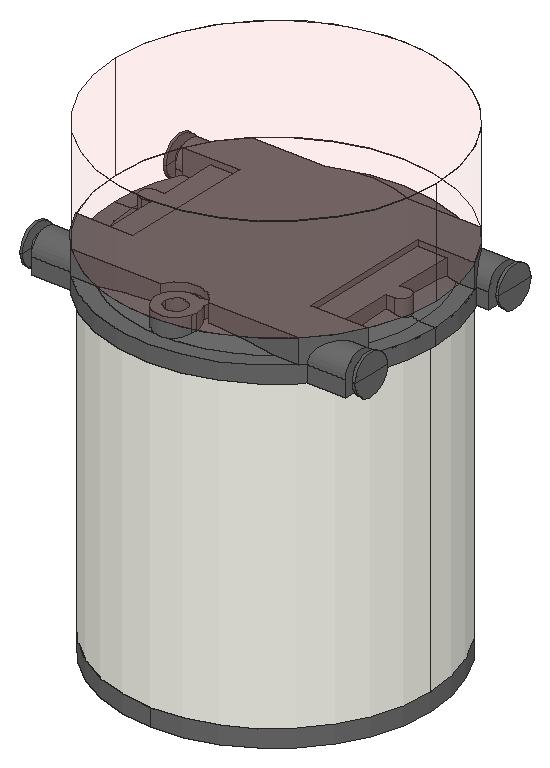
Revit family
Parameters (values of type "1082C4F")
  Watermarked By = "http://revitwatermark.com"
  Water_Ice Tank Volume = "820 Gallons"
  Warning = "Ice tanks are a component in an ice storage system including chillers, pumps, and controls. Contact CALMAC for IceBank® selection support to make sure all system components will work together properly."
  URL = "http://www.calmac.com/"
  Total Cooling Capacity [instance] = 0.0 ton
  Tank Net Usable Capacity = "82 Ton-Hrs"
  Product Page URL = "http://www.calmac.com/products/icebank.asp"
  Is Tank 1 Front Right Connector Visible = not(CTRL Off)  # yes
  Is Tank 1 Front Left Connector Visible = not(CTRL Off)  # yes
  Is Tank 1 Back Right Connector Visible = not(CTRL Off)  # yes
  Is Tank 1 Back Left Connector Visible = not(CTRL Off)  # yes
  Surface Finish = Plastic- Calmac- Black
  Supply Coolant Temperature [instance] = -459.67 °F
  Storage Inlet Temperature [instance] = 60 °F
  Shipping Weight = 1065.00 lbf
  Return Coolant Temperature [instance] = -459.67 °F
  Requires Plate Heat Exchanger [instance] = no
  Project/Customer = ""
  Product Documentation Link = "http://www.calmac.com/products/documents/CS-76Model1082C4F_U4FAug2007.pdf"
  Pressure Drop [instance] = 0.00 psi
  Precool Hours [instance] = 0
  Pipe Material = Plastic- Calmac- Black
  Operating Weight = 8580.00 lbf
  Occupied Hours [instance] = 0
  Model = "1082C"
  Maximum Operating Temperature = "38°C"
  Maximum Operating Pressure = "620 kPa"
  Manufacturer e-mail = "info@Calmac.com"
  Manufacturer Contact Details = "CALMAC Manufacturing Corporation Headquarters, 3-00 Banta Place, Fair Lawn, NJ  07410, Tel: (201) 797-1511, Fax: (201) 797-1522"
  Manufacturer = "CALMAC Manufacturing Corp."  # constant formula
  Main Use [instance] = ""
  Location [instance] = ""
  Lid Diameter = 7' - 5"  # constant formula
  Leg 4 = 3' - 2 1/4"  # constant formula
  Leg 1 = 3' - 2 1/4"  # constant formula
  Latent Cooling Capacity [instance] = 0.0 ton
  Inlet Outlet Center Height = 6' - 7"  # constant formula
  Heat Exchanger Volume = "86 Gallons"
  Has Rigging Bar [instance] = no
  Has Plate and Frame Heat Exchanger [instance] = no
  Has Ice Inventory Meter [instance] = no
  Has Heat Transfer Fluid [instance] = no
  Has Glycol Management System [instance] = no
  Floor Loading Weight = "286 lb/sq.ft."
  Factory Tested Pressure = "1724 kPa"
  Diversity Factor [instance] = 0
  Discharge Rate [instance] = 0
  Discharge Hours [instance] = 0
  Description = "Off-Peak Cooling System"
  Is Clearance Box Visible [instance] = yes
  Clearance Box Height = 2' - 0"  # constant formula
  City/State [instance] = ""
  CTRL Width = 6' - 1 3/4"
  CTRL On = yes
  CTRL Off = not(CTRL On)  # no
  CTRL Hydronic Supply Description = "Hydronic Supply"  # constant formula
  CTRL Hydronic Return Description = "Hydronic Return"  # constant formula
  CTRL Base Radius = 2' - 11 113/256"  # constant formula
  Body Material = Plastic- Calmac- Off_White
  Has Solid Base [instance] = yes
  Base Height = Inlet Outlet Center Height - 0' 3 3/4"  # 6' - 3 1/4"
  Base Finish = Plastic- Calmac- Black
  Assembly Code = "D3030300"
  Actual Chilled Water Flow [instance] = 0 GPM
Reference planes (in)
  plane 1 "Center (Front/Back)": y = 0
  plane 2 "Bottom": z = 0
  plane 3 "Center (Left/Right)": x = 0
  plane 4 "T.O. Base": z = 75.25
  plane 5 "Inlet/Outlet Center (Elevation)": z = 79
  plane 6 "Right Connector Face": x = 38.25
  plane 7 "Left Connector Face": x = -38.25
  plane 8 "T.o. Lid": z = 84.5
  plane 9 "Top": z = 108.5
  plane 10 "Front Connector Center (F/B)": y = -20.5
  plane 11 "Back Connector Center (F/B)": y = 20.5
  plane 12 "Back": y = 36.875
  plane 13 "Front": y = -36.875
Dimensions and locks (in)
  locked: plane 5 "Inlet/Outlet Center (Elevation)" to plane 4 "T.O. Base" at 3.75
  "Inlet Outlet Center Height": plane 5 "Inlet/Outlet Center (Elevation)" to plane 2 "Bottom"
  "Leg 1": plane 3 "Center (Left/Right)" to plane 6 "Right Connector Face"
  "Leg 4": plane 7 "Left Connector Face" to plane 3 "Center (Left/Right)"
  locked: plane 8 "T.o. Lid" to plane 5 "Inlet/Outlet Center (Elevation)" at 5.5
  locked: plane 10 "Front Connector Center (F/B)" to plane 1 "Center (Front/Back)" at 20.5
  locked: plane 1 "Center (Front/Back)" to plane 11 "Back Connector Center (F/B)" at 20.5
  "Clearance Box Height": plane 9 "Top" to plane 8 "T.o. Lid"
  plane 8 "T.o. Lid" to plane 2 "Bottom" = 7' - 0 1/2"
  equal spacing: plane 13 "Front", plane 1 "Center (Front/Back)", plane 12 "Back"
  "CTRL Width": plane 13 "Front" to plane 12 "Back"
  plane 7 "Left Connector Face" to plane 6 "Right Connector Face" = 6' - 4 1/2"
  plane 7 "Left Connector Face" to plane 3 "Center (Left/Right)" = 3' - 2 1/4"
  aligned and locked: plane 1 "Center (Front/Back)" to nested 1
  aligned and locked: plane 3 "Center (Left/Right)" to nested 1
  aligned and locked: plane 4 "T.O. Base" to nested 2
  aligned and locked: plane 1 "Center (Front/Back)" to nested 2
  aligned and locked: plane 5 "Inlet/Outlet Center (Elevation)" to nested 2
  aligned and locked: plane 3 "Center (Left/Right)" to nested 2
  aligned and locked: plane 2 "Bottom" to nested 1
Nested families (in)
  nested 1: "Cooling_Plant_Accessories-Calmac-IceBank-Base" at (0, 0, 0), type "Base"
    with Is Symbolic Line Visible no, Has Solid Base yes, CTRL Inner Wall Radius 2' - 10 145/256", CTRL Base Radius 2' - 11 113/256", Base Height 6' - 3 1/4"
  nested 2: "Cooling_Plant_Accessories-Calmac-IceBank-Lid_C-75" at (0, 0, 75.25), Surface Finish <- "Surface Finish", Pipe Material <- "Pipe Material", Clearance Box Height <- "Clearance Box Height", Is Clearance Box Visible <- "Is Clearance Box Visible", type "C-75"
    with Surface Finish Plastic- Calmac- Black, Pipe Material Plastic- Calmac- Black, Is Clearance Box Visible yes, Clearance Box Height 2' - 0", CTRL Radius 3' - 0 11/16", Is Front Left Flanged Connector Visible yes, Is Back Left Flanged Connector Visible yes
Connectors (in)
  piping at (38.25, 20.5, 79), driven by "CTRL Hydronic Supply Description", driven by "Actual Chilled Water Flow"
    settings: on nested 2, index 1, connector radius 2", flow factor 0, pipe flow 0 GPM, pressure drop 0.00 psi, fitting loss kfactor 0, connector angle 0.00°, fixture units 0, flow configuration 0, flow direction 2, fitting loss method 0, system type 7, connector reference index -1, connector utility 0, adjustable connector no, is connector primary yes, fitting loss table "", connector description "Hydronic Supply"
  piping at (38.25, -20.5, 79), driven by "CTRL Hydronic Return Description"
    settings: on nested 2, index 2, connector radius 2", flow factor 0, pipe flow 0 GPM, pressure drop 0.00 psi, fitting loss kfactor 0, connector angle 0.00°, fixture units 0, flow configuration 0, flow direction 1, fitting loss method 0, system type 8, connector reference index -1, connector utility 0, adjustable connector no, is connector primary no, fitting loss table "", connector description "Hydronic Return"
  piping at (-38.25, 20.5, 79)
    settings: on nested 2, index 3, connector radius 2", flow factor 0, pipe flow 0 GPM, pressure drop 0.00 psi, fitting loss kfactor 0, connector angle 0.00°, fixture units 0, flow configuration 0, flow direction 0, fitting loss method 0, system type 7, connector reference index -1, connector utility 0, adjustable connector no, is connector primary no, fitting loss table "", connector description ""
  piping at (-38.25, -20.5, 79)
    settings: on nested 2, index 4, connector radius 2", flow factor 0, pipe flow 0 GPM, pressure drop 0.00 psi, fitting loss kfactor 0, connector angle 0.00°, fixture units 0, flow configuration 0, flow direction 0, fitting loss method 0, system type 7, connector reference index -1, connector utility 0, adjustable connector no, is connector primary no, fitting loss table "", connector description ""
Definition of nested family "Cooling_Plant_Accessories-Calmac-IceBank-Base"
  Parameters (values of type "Base")
    Wall Thickness = 0' - 0 7/8"
    URL = "http://www.calmac.com/"
    Type Comments = ""
    Is Symbolic Line Visible = not(Has Solid Base)  # yes
    Has Solid Base = no
    Model = ""
    Manufacturer = "CALMAC Manufacturing Corp."  # constant formula
    CTRL Inner Wall Radius = CTRL Base Radius - Wall Thickness  # 3' - 0"
    CTRL Base Radius = 3' - 0 7/8"
    Body Material = Plastic- Calmac- Off_White
    Base Height = 3' - 7 5/16"
    Base Finish = Plastic- Calmac- Black
    Assembly Code = "D3030"
  Reference planes (in)
    plane 1 "Center (Front/Back)": y = 0
    plane 2 "Bottom": z = 0
    plane 3 "Center (Left/Right)": x = 0
    plane 4 "Back": y = 36.875
    plane 5 "Front": y = -36.875
    plane 6 "Right": x = 36.875
    plane 7 "Left": x = -36.875
    plane 8 "T.O. Base Plate": z = 4
    plane 9 "Right Edge of Right Void": x = 24.125
    plane 10 "Left Edge of Right Void": x = 13.125
    plane 11 "Left Edge of Left Void": x = -24.125
    plane 12 "Right Edge of Left Void": x = -13.125
    plane 13 "T.O. Base Void": z = 2
    plane 14 "T.O. Base": z = 43.3125
  Forms (in)
    Extrusion 1, solid, material "Plastic- Calmac- Black" <- "Base Finish", visible <- "Is Symbolic Line Visible", detail levels fine
      sketch origin (0, 0, 0) x (1, 0, 0) y (0, 1, 0)
        loop
          circle (0, 0) r 36.875
      from 0 to 4
    Extrusion 2, void
      sketch origin (0, 0, 0) x (1, 0, 0) y (0, 1, 0)
        loop
          line (-24.125, 36.875) -> (-24.125, -36.875) -> (-13.125, -36.875) -> (-13.125, 36.875) -> (-24.125, 36.875)
        loop
          line (13.125, 36.875) -> (13.125, -36.875) -> (24.125, -36.875) -> (24.125, 36.875) -> (13.125, 36.875)
      from 0 to 2
    Extrusion 3, solid, material "Plastic- Calmac- Off_White" <- "Body Material", detail levels fine
      sketch origin (0, 0, 0) x (1, 0, 0) y (0, 1, 0)
        loop
          circle (0, 0) r 36.875
        loop
          circle (0, 0) r 36
      from 4 to 43.3125
    Extrusion 4, solid, material "Plastic- Calmac- Black" <- "Base Finish", visible <- "Has Solid Base", detail levels fine
      sketch origin (0, 0, 43.3125) x (0, -1, 0) y (1, 0, 0)
        loop
          circle (0, 0) r 36.875
      from -43.3125 to -39.3125
  Cuts and joins
    Extrusion 2 cuts Extrusion 3
    Extrusion 2 cuts Extrusion 1
  Lines and regions (in)
    Masking region 1
      outline origin (0, 0, 0) x (1, 0, 0) y (0, 1, 0)
        loop
          circle (0, 0) r 36.875
    Masking region 2
      outline origin (0, 0, 0) x (1, 0, 0) y (0, 0, 1)
        loop
          line (-36.875, 0) -> (36.875, 0) -> (36.875, 43.3125) -> (-36.875, 43.3125) -> (-36.875, 0)
    Masking region 3
      outline origin (0, 0, 0) x (0, 1, 0) y (0, 0, 1)
        loop
          line (-36.875, 0) -> (36.875, 0) -> (36.875, 43.3125) -> (-36.875, 43.3125) -> (-36.875, 0)
    symbolic lines, style "Base", detail levels medium+fine
      curve 1: line (-36.875, 0, 4) -> (36.875, 0, 4)
      curve 8: line (0, -36.875, 4) -> (0, 36.875, 4)
    symbolic lines, style "Base", visible <- "Is Symbolic Line Visible", detail levels medium+fine
      curve 2: line (-24.125, 0, 0) -> (-24.125, 0, 2)
      curve 3: line (-24.125, 0, 2) -> (-13.125, 0, 2)
      curve 4: line (13.125, 0, 2) -> (24.125, 0, 2)
      curve 5: line (13.125, 0, 0) -> (13.125, 0, 2)
      curve 6: line (24.125, 0, 0) -> (24.125, 0, 2)
      curve 7: line (-13.125, 0, 0) -> (-13.125, 0, 2)
    model lines, style "Base", detail levels medium
      curve 9: circle (0, 0, 43.3125) r 36.875 normal (0, 0, 1)
      curve 10: circle (0, 0, 4) r 36.875 normal (0, 0, 1)
      curve 11: circle (0, 0, 0) r 36.875 normal (0, 0, 1)
      curve 12: line (36.875, 0, 0) -> (36.875, 0, 43.3125)
      curve 13: line (-36.875, 0, 0) -> (-36.875, 0, 43.3125)
      curve 14: line (0, -36.875, 0) -> (0, -36.875, 43.3125)
      curve 15: line (0, 36.875, 0) -> (0, 36.875, 43.3125)
    model lines, style "Base", detail levels coarse
      curve 16: line (0, 0, 0) -> (0, 0, 43.3125)
  Dimensions and locks (in)
    locked: plane 7 "Left" to plane 11 "Left Edge of Left Void" at 12.75
    locked: plane 7 "Left" to plane 12 "Right Edge of Left Void" at 23.75
    locked: plane 9 "Right Edge of Right Void" to plane 6 "Right" at 12.75
    locked: plane 10 "Left Edge of Right Void" to plane 6 "Right" at 23.75
    "CTRL Base Radius": plane 7 "Left" to plane 3 "Center (Left/Right)"
    "CTRL Base Radius": plane 3 "Center (Left/Right)" to plane 6 "Right"
    "CTRL Base Radius": plane 1 "Center (Front/Back)" to plane 4 "Back"
    "CTRL Base Radius": plane 5 "Front" to plane 1 "Center (Front/Back)"
    locked: plane 8 "T.O. Base Plate" to plane 2 "Bottom" at 4
    "Base Height": plane 14 "T.O. Base" to plane 2 "Bottom"
    locked: plane 13 "T.O. Base Void" to plane 2 "Bottom" at 2
    "CTRL Base Radius": radius of Extrusion 1 sketch curve
    "CTRL Base Radius": radius of Extrusion 3 sketch curve
    "CTRL Inner Wall Radius": radius of Extrusion 3 sketch curve
    "CTRL Base Radius": radius of Masking region 1 sketch curve
    "CTRL Base Radius": radius of curve 9
    "CTRL Base Radius": radius of curve 10
    "CTRL Base Radius": radius of curve 11
    "CTRL Base Radius": radius of Extrusion 4 sketch curve
    aligned and locked: plane 3 "Center (Left/Right)" to Extrusion 1 sketch curve
    aligned and locked: plane 1 "Center (Front/Back)" to Extrusion 1 sketch curve
    aligned and locked: Extrusion 1 to plane 2 "Bottom"
    aligned and locked: plane 8 "T.O. Base Plate" to Extrusion 1
    aligned and locked: plane 2 "Bottom" to Extrusion 1
    aligned and locked: Extrusion 2 sketch curve to plane 4 "Back"  (x2)
    aligned and locked: Extrusion 2 sketch curve to plane 12 "Right Edge of Left Void"
    aligned and locked: plane 11 "Left Edge of Left Void" to Extrusion 2 sketch curve
    aligned and locked: Extrusion 2 sketch curve to plane 5 "Front"  (x2)
    aligned and locked: Extrusion 2 sketch curve to plane 10 "Left Edge of Right Void"
    aligned and locked: Extrusion 2 sketch curve to plane 9 "Right Edge of Right Void"
    aligned and locked: plane 13 "T.O. Base Void" to Extrusion 2
    aligned and locked: Extrusion 2 to plane 2 "Bottom"
    aligned and locked: Extrusion 2 to plane 5 "Front"
    aligned and locked: plane 4 "Back" to Extrusion 2
    aligned and locked: Extrusion 2 to plane 13 "T.O. Base Void"  (x2)
    aligned and locked: plane 11 "Left Edge of Left Void" to Extrusion 2
    aligned and locked: plane 2 "Bottom" to Extrusion 2  (x2)
    aligned and locked: Extrusion 2 to plane 12 "Right Edge of Left Void"
    aligned and locked: plane 10 "Left Edge of Right Void" to Extrusion 2
    aligned and locked: Extrusion 2 to plane 9 "Right Edge of Right Void"
    aligned and locked: plane 3 "Center (Left/Right)" to Extrusion 3 sketch curve  (x2)
    aligned and locked: plane 1 "Center (Front/Back)" to Extrusion 3 sketch curve  (x2)
    aligned and locked: Extrusion 3 to plane 8 "T.O. Base Plate"
    aligned and locked: plane 14 "T.O. Base" to Extrusion 3
    aligned and locked: plane 3 "Center (Left/Right)" to Masking region 1 sketch curve
    aligned and locked: plane 1 "Center (Front/Back)" to Masking region 1 sketch curve
    aligned and locked: Masking region 2 sketch curve to plane 14 "T.O. Base"
    aligned and locked: plane 6 "Right" to Masking region 2 sketch curve
    aligned and locked: plane 2 "Bottom" to Masking region 2 sketch curve
    aligned and locked: Masking region 2 sketch curve to plane 7 "Left"
    aligned and locked: plane 7 "Left" to curve 1
    aligned and locked: plane 6 "Right" to curve 1
    aligned and locked: curve 1 to plane 8 "T.O. Base Plate"
    aligned and locked: plane 11 "Left Edge of Left Void" to curve 3
    aligned and locked: plane 12 "Right Edge of Left Void" to curve 3
    aligned and locked: curve 3 to plane 13 "T.O. Base Void"
    aligned and locked: plane 2 "Bottom" to curve 2
    aligned and locked: curve 2 to plane 11 "Left Edge of Left Void"
    aligned and locked: plane 10 "Left Edge of Right Void" to curve 4
    aligned and locked: plane 9 "Right Edge of Right Void" to curve 4
    aligned and locked: plane 13 "T.O. Base Void" to curve 5
    aligned and locked: plane 13 "T.O. Base Void" to curve 6
    aligned and locked: plane 2 "Bottom" to curve 5
    aligned and locked: curve 5 to plane 10 "Left Edge of Right Void"
    aligned and locked: curve 6 to plane 9 "Right Edge of Right Void"
    aligned and locked: plane 13 "T.O. Base Void" to curve 7
    aligned and locked: plane 2 "Bottom" to curve 7
    aligned and locked: curve 7 to plane 12 "Right Edge of Left Void"
    aligned and locked: plane 5 "Front" to Masking region 3 sketch curve
    aligned and locked: plane 14 "T.O. Base" to Masking region 3 sketch curve
    aligned and locked: Masking region 3 sketch curve to plane 4 "Back"
    aligned and locked: plane 2 "Bottom" to Masking region 3 sketch curve
    aligned and locked: plane 4 "Back" to curve 8
    aligned and locked: plane 5 "Front" to curve 8
    aligned and locked: curve 8 to plane 8 "T.O. Base Plate"
    aligned and locked: plane 3 "Center (Left/Right)" to curve 9
    aligned and locked: plane 1 "Center (Front/Back)" to curve 9
    aligned and locked: curve 9 to plane 14 "T.O. Base"
    aligned and locked: curve 10 to plane 8 "T.O. Base Plate"
    aligned and locked: plane 3 "Center (Left/Right)" to curve 10
    aligned and locked: plane 1 "Center (Front/Back)" to curve 10
    aligned: curve 11 to plane 2 "Bottom"
    aligned and locked: plane 3 "Center (Left/Right)" to curve 11
    aligned and locked: plane 1 "Center (Front/Back)" to curve 11
    aligned and locked: plane 14 "T.O. Base" to curve 12
    aligned and locked: plane 14 "T.O. Base" to curve 13
    aligned and locked: plane 2 "Bottom" to curve 12
    aligned and locked: plane 2 "Bottom" to curve 13
    aligned and locked: curve 12 to plane 6 "Right"
    aligned and locked: curve 13 to plane 7 "Left"
    aligned and locked: curve 12 to plane 1 "Center (Front/Back)"
    aligned and locked: curve 13 to plane 1 "Center (Front/Back)"
    aligned and locked: plane 14 "T.O. Base" to curve 14
    aligned and locked: plane 14 "T.O. Base" to curve 15
    aligned and locked: plane 2 "Bottom" to curve 14
    aligned and locked: plane 2 "Bottom" to curve 15
    aligned and locked: plane 4 "Back" to curve 15
    aligned and locked: plane 5 "Front" to curve 14
    aligned and locked: plane 3 "Center (Left/Right)" to curve 14
    aligned and locked: plane 3 "Center (Left/Right)" to curve 15
    aligned and locked: plane 14 "T.O. Base" to curve 16
    aligned and locked: plane 2 "Bottom" to curve 16
    aligned and locked: plane 3 "Center (Left/Right)" to curve 16
    aligned and locked: curve 16 to plane 1 "Center (Front/Back)"
    aligned and locked: plane 1 "Center (Front/Back)" to Extrusion 4 sketch curve
    aligned and locked: plane 3 "Center (Left/Right)" to Extrusion 4 sketch curve
    aligned and locked: plane 8 "T.O. Base Plate" to Extrusion 4
    aligned and locked: Extrusion 4 to plane 2 "Bottom"
  Automatic sketch dimensions
    curve 6 to level = 0' - 0"
Definition of nested family "Cooling_Plant_Accessories-Calmac-IceBank-Lid_C-75"
  Parameters (values of type "C-75")
    bxcbxb = Diameter * 0.5  # 3' - 0 11/16"
    adfasdfa = Diameter * 0.5  # 3' - 0 11/16"
    Surface Finish [instance] = none
    Pipe Material [instance] = none
    Is Front Right Flanged Connector Visible = yes
    Is Front Left Flanged Connector Visible = no
    Diameter = 6' - 1 3/8"
    Is Clearance Box Visible [instance] = yes
    Clearance Box Height [instance] = 2' - 0"
    CTRL Radius [instance] = Diameter / 2  # 3' - 0 11/16"
    Is Back Right Flanged Connector Visible = yes
    Is Back Left Flanged Connector Visible = no
  Reference planes (in)
    plane 1 "Center (Front/Back)": y = 0
    plane 2 "Bottom": z = 0
    plane 3 "Center (Left/Right)": x = 0
    plane 4 "Back": y = 36.6875
    plane 5 "Back Connector Back": y = 24.75
    plane 6 "Back Connector Center": y = 20.5
    plane 7 "Back Connector Front": y = 16.25
    plane 8 "Piping Back": y = 25.88647
    plane 9 "Rigging Back": y = 15.25
    plane 10 "Rigging Loop Back": y = 2
    plane 11 "Top Back Edge": y = 24
    plane 12 "Back Inset": y = 32.8725
    plane 13 "Back Bolt Front": y = 33.6855
    plane 14 "Front": y = -36.6875
    plane 15 "Front Connection Front": y = -24.75
    plane 16 "Fron Connector Center": y = -20.5
    plane 17 "Front Connector Back": y = -16.25
    plane 18 "Piping Front": y = -25.88647
    plane 19 "Rigging Front": y = -15.25
    plane 20 "Rigging Loop Front": y = -2
    plane 21 "Top Front Edge": y = -28
    plane 22 "Front Inset": y = -32.8725
    plane 23 "Pad Eye Hole": y = -27.02527
    plane 24 "Pad Eye Front Center": y = -28.53621
    plane 25 "Left Connection": x = -36.41773
    plane 26 "Left": x = -36.6875
    plane 27 "Left Lip Inset": x = -32.8725
    plane 28 "Left Rigging Loop Left": x = -30.87661
    plane 29 "Left Rigging Loop Inset": x = -27.6267
    plane 30 "Left Rigging Loop Right": x = -26.875
    plane 31 "Left Rigging Right": x = -20.40035
    plane 32 "Top Left": x = -9.54335
    plane 33 "Right Connection": x = 36.41773
    plane 34 "Right": x = 36.6875
    plane 35 "Lid Inset Right": x = 32.8725
    plane 36 "Right Rigging Loop Right": x = 30.88136
    plane 37 "Right Rigging Loop Inset": x = 27.63145
    plane 38 "Right Rigging Loop Left": x = 26.87975
    plane 39 "Right Rigging Left": x = 20.4051
    plane 40 "Top Right": x = 9.54335
    plane 41 "Top": z = 9.25
    plane 42 "Connector Center(Elevation)": z = 3.75
    plane 43 "Connector Channel Top": z = 8
    plane 44 "Connection Sleeve Left": x = -33.10311
    plane 45 "Connection Sleeve Right": x = 33.1032
    plane 46 "Right Center": x = 24.02983
    plane 47 "Bolt Inset Right": x = 1.00017
    plane 48 "Bolt Inset Left": x = -1.00017
    plane 49 "Bolt Inset Center": y = 34.68672
    plane 50 "Top Left Inset": x = -30.90528
    plane 51 "Top Right Inset": x = 30.90528
    plane 52 "Right Side Chanel": x = 35.23566
    plane 53 "Left Side Channel": x = -35.23566
    plane 54 "Right Tunnel Ref": x = 25.99737
    plane 55 "Left Tunnel Ref": x = -25.99737
    plane 56 "Left Tunnel Ref Center": x = -33.3678
    plane 57 "Right Tunnel Ref Center": x = 33.3678
    plane 58 "T.O. Clearance Box": z = 33.25
    plane 59 "Right Connector Face": x = 38.25
    plane 60 "Left Connector Face": x = -38.25
    plane 61 "Sleeve Left": x = -35.83203
    plane 62 "Sleeve Right": x = 35.83203
  Forms (in)
    Revolve 1, solid, material <- "Surface Finish", detail levels fine
      sketch origin (0, 0, 0) x (1, 0, 0) y (0, 0, 1)
        loop
          line (0, 9.25) -> (0, 0) -> (36.6875, 0) -> (36.6875, 3.75) -> (32.8725, 3.75) -> (9.54335, 9.25) -> (0, 9.25)
        axis (0, 9.25) -> (0, 0)
      angle from 0 to 360
    Extrusion 2, solid, material <- "Surface Finish", detail levels fine
      sketch origin (0, 0, 0) x (1, 0, 0) y (0, 1, 0)
        loop
          arc (-25.99737, 25.88647) -> (-30.15526, 20.89577) -> (-33.3678, 15.25) r 36.6875
          line (-33.3678, 15.25) -> (-20.40035, 15.25) -> (-20.40035, -15.25) -> (-33.3678, -15.25)
          arc (-33.3678, -15.25) -> (-30.15526, -20.89577) -> (-25.99737, -25.88647) r 36.6875
          line (-25.99737, -25.88647) -> (-5.47378, -25.88647)
          arc (-5.47378, -25.88647) -> (0.00163, -22.34) -> (5.47705, -25.88647) r 6
          line (5.47705, -25.88647) -> (25.99737, -25.88647)
          arc (25.99737, -25.88647) -> (30.15526, -20.89577) -> (33.3678, -15.25) r 36.6875
          line (33.3678, -15.25) -> (20.4051, -15.25) -> (20.4051, 15.25) -> (33.3678, 15.25)
          arc (33.3678, 15.25) -> (30.15526, 20.89577) -> (25.99737, 25.88647) r 36.6875
          line (25.99737, 25.88647) -> (9.54335, 25.88647)
          arc (9.54335, 25.88647) -> (0, 27.83962) -> (-9.54335, 25.88647) r 24.29157
          line (-9.54335, 25.88647) -> (-25.99737, 25.88647)
      from 3.75 to 9.25
    Extrusion 3, solid, material <- "Surface Finish", detail levels fine
      sketch origin (0, 0, 0) x (0, 1, 0) y (0, 0, 1)
        loop
          arc (24.75, 3.75) -> (20.5, 8) -> (16.25, 3.75) r 4.25
          line (16.25, 3.75) -> (16.25, 0) -> (24.75, 0) -> (24.75, 3.75)
        loop
          arc (-16.25, 3.75) -> (-20.5, 8) -> (-24.75, 3.75) r 4.25
          line (-24.75, 3.75) -> (-24.75, 0) -> (-16.25, 0) -> (-16.25, 3.75)
      from -35.83203 to 35.83203
    Extrusion 4, solid, material <- "Surface Finish", detail levels fine
      sketch origin (0, 0, 0) x (1, 0, 0) y (0, 1, 0)
        loop
          line (-26.875, 15.25) -> (-26.875, 2) -> (-28.87661, 2)
          arc (-28.87661, 2) -> (-30.87661, 0) -> (-28.87661, -2) r 2
          line (-28.87661, -2) -> (-26.875, -2) -> (-26.875, -15.25) -> (-20.40035, -15.25) -> (-20.40035, 15.25) -> (-26.875, 15.25)
        loop
          line (26.87975, 2) -> (26.87975, 15.25) -> (20.4051, 15.25) -> (20.4051, -15.25) -> (26.87975, -15.25) -> (26.87975, -2) -> (28.88512, -2)
          arc (28.88512, -2) -> (30.88512, 0) -> (28.88512, 2) r 2
          line (28.88512, 2) -> (26.87975, 2)
      from 3.75 to 8
    Extrusion 5, solid, material <- "Surface Finish", detail levels fine
      sketch origin (0, 0, 9.25) x (-1, 0, 0) y (0, -1, 0)
        loop
          arc (-2.21906, 23.96212) -> (2.64241, 24.20385) -> (4.9051, 28.51344) r 4.90816
          arc (4.9051, 28.51344) -> (4.68488, 28.94415) -> (4.53675, 29.40466) r 3
          arc (4.53675, 29.40466) -> (-0.00027, 33) -> (-4.53687, 29.40413) r 4.66
          arc (-4.53687, 29.40413) -> (-4.68495, 28.94361) -> (-4.90512, 28.51288) r 3
          arc (-4.90512, 28.51288) -> (-4.7228, 27.00389) -> (-4.08756, 25.62304) r 4.90816
          arc (-4.08756, 25.62304) -> (-3.98687, 23.85484) -> (-2.21906, 23.96212) r 1.25
        loop
          circle (0, 28.34) r 2.46875
      from -5.5 to -1.25
  Cuts and joins
    joined: Revolve 1, Extrusion 2, Extrusion 4
  Lines and regions (in)
    Masking region 1
      outline origin (0, 0, 0) x (1, 0, 0) y (0, 0, 1)
        loop
          line (-33.3678, 9.25) -> (-33.3678, 3.75) -> (-36.6875, 3.75) -> (-36.6875, 0) -> (36.6875, 0) -> (36.6875, 3.75) -> (33.3678, 3.75) -> (33.3678, 9.25) -> (-33.3678, 9.25)
    Masking region 2
      outline origin (0, 0, 0) x (0, 1, 0) y (0, 0, 1)
        loop
          line (36.6875, 3.75) -> (32.8725, 3.75) -> (27.9625, 4.87873) -> (27.9625, 9.25) -> (-25.88647, 9.25) -> (-25.88647, 8) -> (-32.8725, 8) -> (-32.8725, 3.75) -> (-36.6875, 3.75) -> (-36.6875, 0) -> (36.6875, 0) -> (36.6875, 3.75)
    Masking region 3
      outline origin (0, 0, 0) x (1, 0, 0) y (0, 1, 0)
        loop
          arc (-33.10311, 15.81634) -> (-36.6875, 0) -> (-33.10311, -15.81634) r 36.6875
          line (-33.10311, -15.81634) -> (-33.10311, -16.25) -> (-35.83203, -16.25) -> (-35.83203, -24.75) -> (-27.08155, -24.75)
          arc (-27.08155, -24.75) -> (0, -36.6875) -> (27.08155, -24.75) r 36.6875
          line (27.08155, -24.75) -> (35.83203, -24.75) -> (35.83203, -16.25) -> (33.1032, -16.25) -> (33.1032, -15.81617)
          arc (33.1032, -15.81617) -> (36.6875, 0) -> (33.1032, 15.81617) r 36.6875
          line (33.1032, 15.81617) -> (33.1032, 16.25) -> (35.83203, 16.25) -> (35.83203, 24.75) -> (27.08155, 24.75)
          arc (27.08155, 24.75) -> (0, 36.6875) -> (-27.08155, 24.75) r 36.6875
          line (-27.08155, 24.75) -> (-35.83203, 24.75) -> (-35.83203, 16.25) -> (-33.10311, 16.25) -> (-33.10311, 15.81634)
    symbolic lines, style "Thermal Energy Storage", detail levels fine
      curve 1: arc (0, 24.75, 3.75) -> (0, 20.5, 8) -> (0, 16.25, 3.75) r 4.25
      curve 2: line (0, 24.75, 0) -> (0, 24.75, 3.75)
      curve 3: line (0, 16.25, 3.75) -> (0, 16.25, 0)
      curve 6: arc (0, -2, 5.14855) -> (0, -8.63661, 4.84477) -> (0, -15.25, 4.21246) r 134.00815
      curve 8: line (0, -2, 8) -> (0, -2, 6.75604)
      curve 9: arc (0, 15.25, 4.21246) -> (0, 8.63661, 4.84477) -> (0, 2, 5.14855) r 134.00815
      curve 10: line (0, 2, 4.63945) -> (0, 2, 8)
      curve 11: line (0, -15.25, 8) -> (0, 15.25, 8)
      curve 14: arc (0, -16.25, 3.75) -> (0, -20.5, 8) -> (0, -24.75, 3.75) r 4.25
      curve 15: line (0, -16.25, 0) -> (0, -16.25, 3.75)
      curve 16: line (0, -24.75, 3.75) -> (0, -24.75, 0)
      curve 32: line (26.87975, 2, 3.75) -> (26.87975, 15.25, 3.75)
      curve 33: arc (20.4051, 7.23282, 3.75) -> (21.3358, 3.66951, 3.75) -> (21.64906, 0, 3.75) r 21.64906
      curve 34: arc (21.64906, 0, 3.75) -> (21.3358, -3.66951, 3.75) -> (20.4051, -7.23282, 3.75) r 21.64906
      curve 35: line (26.87975, -15.25, 3.75) -> (26.87975, -2, 3.75)
      curve 36: line (26.87975, -2, 3.75) -> (28.88512, -2, 3.75)
      curve 37: arc (28.88512, -2, 3.75) -> (30.88512, 0, 3.75) -> (28.88512, 2, 3.75) r 2
      curve 38: line (28.88512, 2, 3.75) -> (26.87975, 2, 3.75)
      curve 39: line (-26.875, 15.25, 3.75) -> (-26.875, 2, 3.75)
      curve 40: line (-26.875, 2, 3.75) -> (-28.87661, 2, 3.75)
      curve 41: arc (-28.87661, 2, 3.75) -> (-30.87661, 0, 3.75) -> (-28.87661, -2, 3.75) r 2
      curve 42: line (-28.87661, -2, 3.75) -> (-26.875, -2, 3.75)
      curve 43: line (-26.875, -2, 3.75) -> (-26.875, -15.25, 3.75)
      curve 44: arc (-20.40035, -7.232, 3.75) -> (-21.33105, -3.6691, 3.75) -> (-21.64431, 0, 3.75) r 21.64431
      curve 45: arc (-21.64431, 0, 3.75) -> (-21.33105, 3.6691, 3.75) -> (-20.40035, 7.232, 3.75) r 21.64431
      curve 48: line (-1.00017, 36.67386, 9.25) -> (-1.00017, 34.68672, 9.25)
      curve 49: arc (-1.00017, 34.68672, 9.25) -> (0, 33.68655, 9.25) -> (1.00017, 34.68672, 9.25) r 1.00017
      curve 50: line (1.00017, 34.68672, 9.25) -> (1.00017, 36.6875, 9.25)
      curve 51: line (11.31854, 34.8979, 9.25) -> (10.65418, 33.0251, 9.25)
      curve 52: arc (10.65418, 33.0251, 9.25) -> (11.26241, 31.7481, 9.25) -> (12.53942, 32.35633, 9.25) r 1.00017
      curve 53: line (12.53942, 32.35633, 9.25) -> (13.20834, 34.24197, 9.25)
      curve 54: line (-13.21164, 34.2958, 9.25) -> (-12.55966, 32.41866, 9.25)
      curve 55: arc (-12.55966, 32.41866, 9.25) -> (-11.2867, 31.80201, 9.25) -> (-10.67005, 33.07497, 9.25) r 1.00017
      curve 56: line (-10.67005, 33.07497, 9.25) -> (-11.3265, 34.96499, 9.25)
      curve 57: line (-23.92286, 28.15972, 9.25) -> (-22.74294, 26.56081, 9.25)
      curve 58: arc (-22.74294, 26.56081, 9.25) -> (-21.34429, 26.34992, 9.25) -> (-21.1334, 27.74856, 9.25) r 1.00017
      curve 59: line (-21.1334, 27.74856, 9.25) -> (-22.32142, 29.35845, 9.25)
      curve 60: line (32.4594, -12.82483, 9.25) -> (32.6548, -12.1272, 9.25)
      curve 61: arc (32.6548, -12.1272, 9.25) -> (31.34512, -12.66144, 9.25) -> (31.87936, -13.97113, 9.25) r 1.00017
      curve 62: line (31.87936, -13.97113, 9.25) -> (33.72369, -14.74673, 9.25)
      curve 63: line (22.39077, 29.34394, 9.25) -> (21.11473, 27.69559, 9.25)
      curve 64: arc (21.11473, 27.69559, 9.25) -> (21.29337, 26.29246, 9.25) -> (22.6965, 26.47109, 9.25) r 1.00017
      curve 65: line (22.6965, 26.47109, 9.25) -> (23.92126, 28.05321, 9.25)
      curve 66: arc (34.65389, -3.55302, 9.25) -> (33.53087, -4.41256, 9.25) -> (34.39041, -5.53559, 9.25) r 1
      curve 67: line (34.39041, -5.53559, 9.25) -> (36.36427, -5.7979, 9.25)
      curve 68: line (34.65389, -3.55302, 9.25) -> (36.62775, -3.81533, 9.25)
      curve 69: line (34.39041, 5.53559, 9.25) -> (36.36427, 5.7979, 9.25)
      curve 70: arc (34.39041, 5.53559, 9.25) -> (33.53087, 4.41256, 9.25) -> (34.65389, 3.55302, 9.25) r 1
      curve 71: line (34.65389, 3.55302, 9.25) -> (36.62775, 3.81533, 9.25)
      curve 72: line (31.91582, 13.97144, 9.25) -> (33.76295, 14.71511, 9.25)
      curve 73: arc (31.91582, 13.97144, 9.25) -> (31.36165, 12.67033, 9.25) -> (32.66277, 12.11616, 9.25) r 1
      curve 74: line (32.66277, 12.11616, 9.25) -> (34.5099, 12.85983, 9.25)
      curve 75: line (-31.91107, 13.97144, 9.25) -> (-33.7582, 14.71511, 9.25)
      curve 76: arc (-32.65802, 12.11616, 9.25) -> (-31.3569, 12.67033, 9.25) -> (-31.91107, 13.97144, 9.25) r 1
      curve 77: line (-32.65802, 12.11616, 9.25) -> (-34.50515, 12.85983, 9.25)
      curve 78: line (-34.38566, 5.53559, 9.25) -> (-36.35952, 5.7979, 9.25)
      curve 79: arc (-34.64914, 3.55302, 9.25) -> (-33.52612, 4.41256, 9.25) -> (-34.38566, 5.53559, 9.25) r 1
      curve 80: line (-34.64914, 3.55302, 9.25) -> (-36.623, 3.81533, 9.25)
      curve 81: line (-34.64914, -3.55302, 9.25) -> (-36.623, -3.81533, 9.25)
      curve 82: arc (-34.38566, -5.53559, 9.25) -> (-33.52612, -4.41256, 9.25) -> (-34.64914, -3.55302, 9.25) r 1
      curve 83: line (-34.38566, -5.53559, 9.25) -> (-36.35952, -5.7979, 9.25)
      curve 84: line (-22.69219, -26.43077, 9.25) -> (-23.97422, -28.0179, 9.25)
      curve 85: arc (-21.13636, -27.68751, 9.25) -> (-21.28591, -26.28122, 9.25) -> (-22.69219, -26.43077, 9.25) r 1
      curve 86: line (-21.13636, -27.68751, 9.25) -> (-22.4199, -29.27651, 9.25)
      curve 87: line (-12.56783, -32.48955, 9.25) -> (-13.24652, -34.41359, 9.25)
      curve 88: arc (-10.68173, -33.15486, 9.25) -> (-11.29213, -31.87915, 9.25) -> (-12.56783, -32.48955, 9.25) r 1
      curve 89: line (-10.68173, -33.15486, 9.25) -> (-11.36123, -35.08117, 9.25)
      curve 90: line (-1.00017, -34.82, 9.25) -> (-1.00017, -36.80999, 9.25)
      curve 91: arc (1.00017, -34.82, 9.25) -> (0, -33.81983, 9.25) -> (-1.00017, -34.82, 9.25) r 1.00017
      curve 92: line (1.00017, -34.82, 9.25) -> (1.00017, -36.81244, 9.25)
      curve 93: line (12.56783, -32.48955, 9.25) -> (13.23022, -34.36736, 9.25)
      curve 94: arc (12.56783, -32.48955, 9.25) -> (11.29213, -31.87915, 9.25) -> (10.68173, -33.15486, 9.25) r 1
      curve 95: line (10.68173, -33.15486, 9.25) -> (11.34412, -35.03267, 9.25)
      curve 96: arc (22.69219, -26.43077, 9.25) -> (21.28591, -26.28122, 9.25) -> (21.13636, -27.68751, 9.25) r 1
      curve 97: line (22.69219, -26.43077, 9.25) -> (23.94341, -27.97976, 9.25)
      curve 98: line (21.13636, -27.68751, 9.25) -> (22.38758, -29.2365, 9.25)
      curve 99: line (32.66277, -12.11616, 9.25) -> (34.5099, -12.85983, 9.25)
      curve 100: line (-31.91107, -14.79231, 9.25) -> (-33.7582, -15.23425, 9.25)
      curve 101: arc (-31.91107, -14.79231, 9.25) -> (-31.3569, -13.49119, 9.25) -> (-32.65802, -12.93703, 9.25) r 1
      curve 102: line (-32.65802, -12.93703, 9.25) -> (-34.50515, -13.37897, 9.25)
      curve 106: arc (-5.47378, 0, 5.26563) -> (-15.77731, 0, 4.35832) -> (-25.99737, 0, 2.76575) r 154.97971
      curve 107: arc (25.99737, 0, 2.76578) -> (15.77893, 0, 4.35812) -> (5.47705, 0, 5.26547) r 154.99141
      curve 108: line (5.47705, 0, 9.25) -> (5.47705, 0, 5.26547)
      curve 109: line (-5.47378, 0, 5.26563) -> (-5.47378, 0, 9.25)
      curve 110: line (-4.9051, 0, 8) -> (-4.9051, 0, 4.70486)
      curve 111: line (4.90512, 0, 4.70486) -> (4.90512, 0, 8)
      curve 112: line (4.90512, 0, 8) -> (-4.9051, 0, 8)
      curve 113: line (-33.10311, 0, 8) -> (-33.10311, 0, 0)
      curve 114: line (33.1032, 0, 0) -> (33.1032, 0, 8)
      curve 115: arc (-4.9051, 0, 4.70486) -> (0.00001, 0, 3.8302) -> (4.90512, 0, 4.70486) r 14.19119
      curve 116: arc (30.87466, 0, 8) -> (28.02128, 0, 6.67955) -> (26.87975, 0, 3.75) r 4.20763
      curve 117: line (26.87975, 0, 3.75) -> (26.87975, 0, 0)
      curve 118: line (30.87466, 0, 8) -> (33.1032, 0, 8)
      curve 119: arc (-30.90528, 0, 8) -> (-28.05544, 0, 6.81956) -> (-26.875, 0, 3.96972) r 4.03028
      curve 120: line (-26.875, 0, 3.96972) -> (-26.875, 0, 0)
      curve 121: line (-30.90528, 0, 8) -> (-33.10311, 0, 8)
      curve 122: line (30.90528, -2, 4.63175) -> (30.90528, -2, 8)
      curve 123: arc (30.90528, 1.99747, 4.63175) -> (30.90528, -0.00127, 4.2218) -> (30.90528, -2, 4.63175) r 5.07744
      curve 124: line (30.90528, 25.88647, 4.9399) -> (30.90528, 27.84324, 4.88321)
      curve 125: arc (9.54335, 25.88647, 9.25) -> (0, 27.83962, 9.25) -> (-9.54335, 25.88647, 9.25) r 24.29157
      curve 126: arc (-5.2102, -25.36733, 9.25) -> (0.00163, -22.34, 9.25) -> (5.21347, -25.36733, 9.25) r 6
      curve 130: arc (-4.53675, -29.40466, 9.25) -> (0.00027, -33, 9.25) -> (4.53687, -29.40413, 9.25) r 4.66
      curve 131: arc (4.53687, -29.40413, 9.25) -> (4.68495, -28.94361, 9.25) -> (4.90512, -28.51288, 9.25) r 3
      curve 132: arc (4.90512, -28.51288, 9.25) -> (4.7228, -27.00389, 9.25) -> (4.08756, -25.62304, 9.25) r 4.90816
      curve 133: arc (4.08756, -25.62304, 9.25) -> (3.98687, -23.85484, 9.25) -> (2.21906, -23.96212, 9.25) r 1.25
      curve 134: arc (2.21906, -23.96212, 9.25) -> (-2.64241, -24.20385, 9.25) -> (-4.9051, -28.51344, 9.25) r 4.90816
      curve 135: arc (-4.9051, -28.51344, 9.25) -> (-4.68488, -28.94415, 9.25) -> (-4.53675, -29.40466, 9.25) r 3
      curve 136: arc (2.46875, -28.34, 9.25) -> (0, -30.80875, 9.25) -> (-2.46875, -28.34, 9.25) r 2.46875
      curve 137: arc (-2.46875, -28.34, 9.25) -> (0, -25.87125, 9.25) -> (2.46875, -28.34, 9.25) r 2.46875
    symbolic lines, style "Thermal Energy Storage", detail levels medium+fine
      curve 4: line (0, 25.88647, 3.75) -> (0, 25.88647, 9.25)
      curve 5: line (0, 25.88647, 3.75) -> (0, 32.8725, 3.75)
      curve 7: line (0, -15.25, 3.75) -> (0, -15.25, 9.25)
      curve 12: line (0, 15.25, 9.25) -> (0, 15.25, 3.75)
      curve 13: line (0, 15.25, 3.75) -> (0, -15.25, 3.75)
      curve 17: line (0, -25.88647, 9.25) -> (0, -25.88647, 3.75)
      curve 18: line (0, -25.88647, 3.75) -> (0, -32.87023, 3.75)
      curve 19: line (-9.54335, 25.88647, 3.75) -> (-25.99737, 25.88647, 3.75)
      curve 20: arc (-25.99737, 25.88647, 3.75) -> (-30.15526, 20.89577, 3.75) -> (-33.3678, 15.25, 3.75) r 36.6875
      curve 21: line (-33.3678, 15.25, 3.75) -> (-20.40035, 15.25, 3.75)
      curve 22: line (-20.40035, 15.25, 3.75) -> (-20.40035, -15.25, 3.75)
      curve 23: line (-20.40035, -15.25, 3.75) -> (-33.3678, -15.25, 3.75)
      curve 24: line (-25.99737, -25.88647, 3.75) -> (-5.47378, -25.88647, 3.75)
      curve 25: line (5.47705, -25.88647, 3.75) -> (25.99737, -25.88647, 3.75)
      curve 26: arc (25.99737, -25.88647, 3.75) -> (30.15526, -20.89577, 3.75) -> (33.3678, -15.25, 3.75) r 36.6875
      curve 27: line (33.3678, -15.25, 3.75) -> (20.4051, -15.25, 3.75)
      curve 28: line (20.4051, -15.25, 3.75) -> (20.4051, 15.25, 3.75)
      curve 29: line (20.4051, 15.25, 3.75) -> (33.3678, 15.25, 3.75)
      curve 30: arc (33.3678, 15.25, 3.75) -> (30.15526, 20.89577, 3.75) -> (25.99737, 25.88647, 3.75) r 36.6875
      curve 31: line (25.99737, 25.88647, 3.75) -> (9.54335, 25.88647, 3.75)
      curve 46: arc (-29.1211, -15.25, 3.75) -> (-32.8725, 0, 3.75) -> (-29.1211, 15.25, 3.75) r 32.8725
      curve 47: arc (29.1211, 15.25, 3.75) -> (32.8725, 0, 3.75) -> (29.1211, -15.25, 3.75) r 32.8725
      curve 103: line (-25.99737, 0, 3.75) -> (25.99737, 0, 3.75)
      curve 104: line (25.99737, 0, 3.75) -> (25.99737, 0, 9.25)
      curve 105: line (-25.99737, 0, 3.75) -> (-25.99737, 0, 9.25)
      curve 127: arc (20.2606, -25.88647, 9.25) -> (0, -32.8725, 9.25) -> (-20.2606, -25.88647, 9.25) r 32.8725
      curve 128: arc (-20.2606, 25.88647, 9.25) -> (0, 32.8725, 9.25) -> (20.2606, 25.88647, 9.25) r 32.8725
      curve 129: arc (-33.3678, -15.25, 9.25) -> (-30.15526, -20.89577, 9.25) -> (-25.99737, -25.88647, 9.25) r 36.6875
    model lines, style "Thermal Energy Storage", detail levels medium
      curve 138: arc (36.6875, 0, 0) -> (0, 36.6875, 0) -> (-36.6875, 0, 0) r 36.6875
      curve 139: arc (-36.6875, 0, 0) -> (0, -36.6875, 0) -> (36.6875, 0, 0) r 36.6875
      curve 140: arc (36.6875, 0, 3.75) -> (0, 36.6875, 3.75) -> (-36.6875, 0, 3.75) r 36.6875
      curve 141: arc (-36.6875, 0, 3.75) -> (0, -36.6875, 3.75) -> (36.6875, 0, 3.75) r 36.6875
      curve 142: arc (-32.87211, 0.161, 3.75) -> (0.161, 32.87211, 3.75) -> (32.87211, -0.161, 3.75) r 32.8725
      curve 143: arc (32.87211, -0.161, 3.75) -> (-0.161, -32.87211, 3.75) -> (-32.87211, 0.161, 3.75) r 32.8725
      curve 144: line (-20.40035, 15.25, 3.75) -> (-20.40035, -15.25, 3.75)
      curve 145: line (-20.40035, -15.25, 3.75) -> (-33.3678, -15.25, 3.75)
      curve 146: arc (-33.3678, -15.25, 3.75) -> (-30.15526, -20.89577, 3.75) -> (-25.99737, -25.88647, 3.75) r 36.6875
      curve 147: line (-25.99737, -25.88647, 3.75) -> (-5.47378, -25.88647, 3.75)
      curve 148: arc (-5.47378, -25.88647, 3.75) -> (0.00163, -22.34, 3.75) -> (5.47705, -25.88647, 3.75) r 6
      curve 149: line (5.47705, -25.88647, 3.75) -> (26.86466, -25.88647, 3.75)
      curve 150: arc (25.99737, -25.88647, 3.75) -> (30.15526, -20.89577, 3.75) -> (33.3678, -15.25, 3.75) r 36.6875
      curve 151: line (33.3678, -15.25, 3.75) -> (20.4051, -15.25, 3.75)
      curve 152: line (20.4051, -15.25, 3.75) -> (20.4051, 15.25, 3.75)
      curve 153: line (20.4051, 15.25, 3.75) -> (33.1032, 15.25, 3.75)
      curve 154: arc (33.3678, 15.25, 3.75) -> (30.15526, 20.89577, 3.75) -> (25.99737, 25.88647, 3.75) r 36.6875
      curve 155: line (26.87975, 25.88647, 3.75) -> (9.54335, 25.88647, 3.75)
      curve 156: arc (9.54335, 25.88647, 3.75) -> (0, 27.83962, 3.75) -> (-9.54335, 25.88647, 3.75) r 24.29157
      curve 157: line (-9.54335, 25.88647, 3.75) -> (-25.58314, 25.88647, 3.75)
      curve 158: arc (-25.99737, 25.88647, 3.75) -> (-30.15526, 20.89577, 3.75) -> (-33.3678, 15.25, 3.75) r 36.6875
      curve 159: line (-32.69791, 15.25, 3.75) -> (-20.40035, 15.25, 3.75)
      curve 160: line (-20.40035, 15.25, 9.25) -> (-20.40035, -15.25, 9.25)
      curve 161: line (-20.40035, -15.25, 9.25) -> (-32.1296, -15.25, 9.25)
      curve 162: arc (-33.3678, -15.25, 9.25) -> (-30.15526, -20.89577, 9.25) -> (-25.99737, -25.88647, 9.25) r 36.6875
      curve 163: line (-25.99737, -25.88647, 9.25) -> (-5.51517, -25.88647, 9.25)
      curve 164: arc (-5.2102, -25.36733, 9.25) -> (0.00163, -22.34, 9.25) -> (5.21347, -25.36733, 9.25) r 6
      curve 165: line (6.00769, -25.88647, 9.25) -> (25.99737, -25.88647, 9.25)
      curve 166: arc (25.99737, -25.88647, 9.25) -> (30.15526, -20.89577, 9.25) -> (33.3678, -15.25, 9.25) r 36.6875
      curve 167: line (33.3678, -15.25, 9.25) -> (20.4051, -15.25, 9.25)
      curve 168: line (20.4051, -15.25, 9.25) -> (20.4051, 15.25, 9.25)
      curve 169: line (20.4051, 15.25, 9.25) -> (33.3678, 15.25, 9.25)
      curve 170: arc (33.3678, 15.25, 9.25) -> (30.15526, 20.89577, 9.25) -> (25.99737, 25.88647, 9.25) r 36.6875
      curve 171: line (25.99737, 25.88647, 9.25) -> (9.54335, 25.88647, 9.25)
      curve 172: arc (9.54335, 25.88647, 9.25) -> (0, 27.83962, 9.25) -> (-9.54335, 25.88647, 9.25) r 24.29157
      curve 173: line (-8.18696, 25.88647, 9.25) -> (-25.99737, 25.88647, 9.25)
      curve 174: arc (-25.99737, 25.88647, 9.25) -> (-30.15526, 20.89577, 9.25) -> (-33.3678, 15.25, 9.25) r 36.6875
      curve 175: line (-33.3678, 15.25, 9.25) -> (-20.40035, 15.25, 9.25)
      curve 176: line (-25.99737, 25.88647, 3.75) -> (-25.99737, 25.88647, 9.25)
      curve 177: line (-25.99737, -25.88647, 9.25) -> (-25.99737, -25.88647, 3.75)
      curve 178: line (-33.3678, 15.25, 9.25) -> (-33.3678, 15.25, 3.75)
      curve 179: line (-33.3678, -15.25, 3.75) -> (-33.3678, -15.25, 9.25)
      curve 180: line (33.3678, 15.25, 3.75) -> (33.3678, 15.25, 9.25)
      curve 181: line (33.3678, -15.25, 9.25) -> (33.3678, -15.25, 3.75)
      curve 182: line (25.99737, 25.88647, 9.25) -> (25.99737, 25.88647, 3.75)
      curve 183: line (25.99737, -25.88647, 3.75) -> (25.99737, -25.88647, 9.25)
    model lines, style "Thermal Energy Storage", detail levels coarse
      curve 184: line (-36.6875, 0, 9.25) -> (36.6875, 0, 9.25)
      curve 185: line (0, -36.6875, 9.25) -> (0, 36.6875, 9.25)
      curve 186: line (0, 0, 9.25) -> (0, 0, 0)
  Dimensions and locks (in)
    plane 41 "Top" to plane 2 "Bottom" = 0' - 9 1/4"
    locked: plane 43 "Connector Channel Top" to plane 2 "Bottom" at 8
    locked: plane 42 "Connector Center(Elevation)" to plane 2 "Bottom" at 3.75
    locked: Extrusion 4 sketch curve to plane 29 "Left Rigging Loop Inset" at 1.24992
    locked: Extrusion 4 sketch curve to plane 30 "Left Rigging Loop Right" at 2.00161
    locked: plane 37 "Right Rigging Loop Inset" to Extrusion 4 sketch curve at 1.25367  (x2)
    locked: plane 26 "Left" to plane 25 "Left Connection" at 0.26977
    locked: plane 26 "Left" to plane 44 "Connection Sleeve Left" at 3.58439
    locked: plane 26 "Left" to plane 27 "Left Lip Inset" at 3.815
    locked: plane 33 "Right Connection" to plane 34 "Right" at 0.26977
    locked: plane 45 "Connection Sleeve Right" to plane 34 "Right" at 3.5843
    locked: plane 35 "Lid Inset Right" to plane 34 "Right" at 3.815
    "Diameter": plane 26 "Left" to plane 34 "Right"
    "Diameter": plane 14 "Front" to plane 4 "Back"
    locked: plane 3 "Center (Left/Right)" to plane 47 "Bolt Inset Right" at 1.00017
    locked: plane 48 "Bolt Inset Left" to plane 3 "Center (Left/Right)" at 1.00017
    locked: plane 3 "Center (Left/Right)" to plane 40 "Top Right" at 9.54335
    locked: plane 32 "Top Left" to plane 3 "Center (Left/Right)" at 9.54335
    locked: plane 31 "Left Rigging Right" to plane 48 "Bolt Inset Left" at 19.40018
    locked: plane 3 "Center (Left/Right)" to plane 39 "Right Rigging Left" at 20.4051
    locked: plane 30 "Left Rigging Loop Right" to plane 3 "Center (Left/Right)" at 26.875
    locked: plane 3 "Center (Left/Right)" to plane 46 "Right Center" at 24.02983
    locked: plane 46 "Right Center" to plane 38 "Right Rigging Loop Left" at 2.84992
    locked: plane 46 "Right Center" to plane 37 "Right Rigging Loop Inset" at 3.60161
    locked: plane 46 "Right Center" to plane 36 "Right Rigging Loop Right" at 6.85153
    locked: plane 29 "Left Rigging Loop Inset" to plane 30 "Left Rigging Loop Right" at 0.7517
    locked: plane 28 "Left Rigging Loop Left" to plane 30 "Left Rigging Loop Right" at 4.00161
    locked: plane 49 "Bolt Inset Center" to plane 4 "Back" at 2.00078
    locked: plane 13 "Back Bolt Front" to plane 4 "Back" at 3.002
    locked: plane 12 "Back Inset" to plane 4 "Back" at 3.815
    locked: plane 22 "Front Inset" to plane 14 "Front" at 3.815
    locked: plane 24 "Pad Eye Front Center" to plane 14 "Front" at 8.15129
    locked: plane 23 "Pad Eye Hole" to plane 14 "Front" at 9.66223
    plane 16 "Fron Connector Center" to plane 1 "Center (Front/Back)" = 1' - 8 1/2"
    locked: plane 20 "Rigging Loop Front" to plane 1 "Center (Front/Back)" at 2
    locked: plane 1 "Center (Front/Back)" to plane 10 "Rigging Loop Back" at 2
    locked: plane 1 "Center (Front/Back)" to plane 6 "Back Connector Center" at 20.5
    locked: plane 26 "Left" to plane 50 "Top Left Inset" at 5.78222
    locked: plane 51 "Top Right Inset" to plane 34 "Right" at 5.78222
    locked: plane 52 "Right Side Chanel" to plane 34 "Right" at 1.45184
    locked: plane 26 "Left" to plane 53 "Left Side Channel" at 1.45184
    equal spacing: plane 26 "Left", plane 3 "Center (Left/Right)", plane 34 "Right"
    "bxcbxb": plane 14 "Front" to plane 1 "Center (Front/Back)"
    "adfasdfa": plane 1 "Center (Front/Back)" to plane 4 "Back"
    locked: plane 16 "Fron Connector Center" to plane 19 "Rigging Front" at 5.25
    locked: plane 18 "Piping Front" to plane 16 "Fron Connector Center" at 5.38647
    locked: plane 16 "Fron Connector Center" to plane 21 "Top Front Edge" at 7.5
    locked: plane 8 "Piping Back" to plane 6 "Back Connector Center" at 5.38647
    locked: plane 6 "Back Connector Center" to plane 9 "Rigging Back" at 5.25
    equal spacing: plane 15 "Front Connection Front", plane 16 "Fron Connector Center", plane 17 "Front Connector Back"
    locked: plane 15 "Front Connection Front" to plane 17 "Front Connector Back" at 8.5
    locked: plane 11 "Top Back Edge" to plane 6 "Back Connector Center" at 3.5
    equal spacing: plane 5 "Back Connector Back", plane 6 "Back Connector Center", plane 7 "Back Connector Front"
    locked: plane 5 "Back Connector Back" to plane 7 "Back Connector Front" at 8.5
    locked: Extrusion 5 sketch curve to plane 24 "Pad Eye Front Center" at 0.19621  (x2)
    locked: plane 21 "Top Front Edge" to Extrusion 5 sketch curve at 0.34  (x2)
    locked: plane 18 "Piping Front" to Extrusion 5 sketch curve at 1.09737
    locked: plane 47 "Bolt Inset Right" to Extrusion 5 sketch curve at 2.15623
    locked: Masking region 2 sketch curve to plane 8 "Piping Back" at 2.07602
    locked: plane 43 "Connector Channel Top" to Masking region 2 sketch curve at 3.12127
    locked: plane 54 "Right Tunnel Ref" to plane 34 "Right" at 10.69013
    locked: plane 26 "Left" to plane 55 "Left Tunnel Ref" at 10.69013
    locked: plane 26 "Left" to plane 56 "Left Tunnel Ref Center" at 3.3197
    locked: plane 57 "Right Tunnel Ref Center" to plane 34 "Right" at 3.3197
    locked: plane 3 "Center (Left/Right)" to plane 59 "Right Connector Face" at 38.25
    locked: plane 60 "Left Connector Face" to plane 3 "Center (Left/Right)" at 38.25
    locked: plane 61 "Sleeve Left" to plane 3 "Center (Left/Right)" at 35.83203
    locked: plane 62 "Sleeve Right" to plane 34 "Right" at 0.85547
    "Clearance Box Height": plane 58 "T.O. Clearance Box" to plane 41 "Top"
    radius of Extrusion 5 sketch curve = 0' - 2 15/32"
    radius of Extrusion 5 sketch curve = 0' - 1 1/4"
    radius of Extrusion 5 sketch curve = 0' - 4.90816"  (x2)
    radius of Extrusion 5 sketch curve = 0' - 4.66"
    aligned and locked: Revolve 1 sketch curve to plane 41 "Top"
    aligned and locked: plane 34 "Right" to Revolve 1 sketch curve
    aligned and locked: Revolve 1 sketch curve to plane 3 "Center (Left/Right)"  (x2)
    aligned and locked: plane 35 "Lid Inset Right" to Revolve 1 sketch curve
    aligned and locked: plane 42 "Connector Center(Elevation)" to Revolve 1 sketch curve
    aligned and locked: plane 40 "Top Right" to Revolve 1 sketch curve
    aligned and locked: plane 41 "Top" to Revolve 1 sketch curve  (x2)
    aligned and locked: Revolve 1 sketch curve to plane 2 "Bottom"
    aligned and locked: plane 2 "Bottom" to Revolve 1 sketch curve
    aligned and locked: Extrusion 2 sketch curve to plane 8 "Piping Back"  (x2)
    aligned and locked: Extrusion 2 sketch curve to plane 9 "Rigging Back"  (x2)
    aligned and locked: plane 19 "Rigging Front" to Extrusion 2 sketch curve  (x2)
    aligned and locked: plane 18 "Piping Front" to Extrusion 2 sketch curve  (x3)
    aligned and locked: Extrusion 2 sketch curve to plane 31 "Left Rigging Right"
    aligned and locked: plane 39 "Right Rigging Left" to Extrusion 2 sketch curve
    aligned and locked: plane 32 "Top Left" to Extrusion 2 sketch curve
    aligned and locked: plane 40 "Top Right" to Extrusion 2 sketch curve
    aligned and locked: Extrusion 2 to plane 42 "Connector Center(Elevation)"
    aligned and locked: plane 41 "Top" to Extrusion 2
    aligned and locked: plane 7 "Back Connector Front" to Extrusion 3 sketch curve  (x2)
    aligned and locked: plane 5 "Back Connector Back" to Extrusion 3 sketch curve  (x2)
    aligned and locked: plane 42 "Connector Center(Elevation)" to Extrusion 3 sketch curve  (x4)
    aligned and locked: plane 17 "Front Connector Back" to Extrusion 3 sketch curve
    aligned and locked: plane 15 "Front Connection Front" to Extrusion 3 sketch curve
    aligned and locked: Extrusion 3 sketch curve to plane 17 "Front Connector Back"
    aligned and locked: Extrusion 3 sketch curve to plane 15 "Front Connection Front"
    aligned and locked: plane 2 "Bottom" to Extrusion 3 sketch curve  (x2)
    aligned: Extrusion 3 to plane 45 "Connection Sleeve Right"
    aligned: Extrusion 3 to plane 44 "Connection Sleeve Left"
    aligned and locked: Extrusion 4 sketch curve to plane 30 "Left Rigging Loop Right"  (x2)
    aligned and locked: Extrusion 4 sketch curve to plane 31 "Left Rigging Right"
    aligned and locked: Extrusion 4 sketch curve to plane 9 "Rigging Back"
    aligned and locked: plane 19 "Rigging Front" to Extrusion 4 sketch curve  (x2)
    aligned and locked: Extrusion 4 sketch curve to plane 10 "Rigging Loop Back"  (x2)
    aligned and locked: plane 20 "Rigging Loop Front" to Extrusion 4 sketch curve  (x2)
    aligned and locked: plane 39 "Right Rigging Left" to Extrusion 4 sketch curve
    aligned and locked: plane 38 "Right Rigging Loop Left" to Extrusion 4 sketch curve  (x2)
    aligned and locked: Extrusion 4 to plane 42 "Connector Center(Elevation)"
    aligned and locked: plane 43 "Connector Channel Top" to Extrusion 4
    aligned and locked: Masking region 1 sketch curve to plane 41 "Top"
    aligned and locked: Masking region 1 sketch curve to plane 2 "Bottom"
    aligned and locked: Masking region 1 sketch curve to plane 26 "Left"
    aligned and locked: plane 34 "Right" to Masking region 1 sketch curve
    aligned and locked: curve 1 to Extrusion 3
    aligned and locked: curve 2 to Extrusion 3
    aligned and locked: plane 42 "Connector Center(Elevation)" to curve 5
    aligned and locked: plane 8 "Piping Back" to cut or joined group of Revolve 1, Extrusion 2, Extrusion 4
    aligned and locked: curve 6 to cut or joined group of Revolve 1, Extrusion 2, Extrusion 4
    aligned and locked: curve 8 to cut or joined group of Revolve 1, Extrusion 2, Extrusion 4
    aligned and locked: curve 9 to cut or joined group of Revolve 1, Extrusion 2, Extrusion 4
    aligned and locked: curve 10 to cut or joined group of Revolve 1, Extrusion 2, Extrusion 4
    aligned and locked: curve 11 to cut or joined group of Revolve 1, Extrusion 2, Extrusion 4
    aligned and locked: cut or joined group of Revolve 1, Extrusion 2, Extrusion 4 to curve 12
    aligned and locked: cut or joined group of Revolve 1, Extrusion 2, Extrusion 4 to curve 13
    aligned and locked: curve 14 to Extrusion 3
    aligned and locked: curve 15 to Extrusion 3
    aligned and locked: cut or joined group of Revolve 1, Extrusion 2, Extrusion 4 to curve 17
    aligned and locked: cut or joined group of Revolve 1, Extrusion 2, Extrusion 4 to curve 18
    aligned and locked: plane 42 "Connector Center(Elevation)" to cut or joined group of Revolve 1, Extrusion 2, Extrusion 4
    aligned and locked: curve 19 to cut or joined group of Revolve 1, Extrusion 2, Extrusion 4
    aligned and locked: cut or joined group of Revolve 1, Extrusion 2, Extrusion 4 to curve 21
    aligned and locked: curve 22 to cut or joined group of Revolve 1, Extrusion 2, Extrusion 4
    aligned and locked: curve 23 to cut or joined group of Revolve 1, Extrusion 2, Extrusion 4
    aligned and locked: cut or joined group of Revolve 1, Extrusion 2, Extrusion 4 to curve 24
    aligned and locked: cut or joined group of Revolve 1, Extrusion 2, Extrusion 4 to curve 25
    aligned and locked: curve 27 to cut or joined group of Revolve 1, Extrusion 2, Extrusion 4
    aligned and locked: curve 28 to cut or joined group of Revolve 1, Extrusion 2, Extrusion 4
    aligned and locked: curve 29 to cut or joined group of Revolve 1, Extrusion 2, Extrusion 4
    aligned and locked: curve 31 to cut or joined group of Revolve 1, Extrusion 2, Extrusion 4
    aligned and locked: curve 32 to cut or joined group of Revolve 1, Extrusion 2, Extrusion 4
    aligned and locked: curve 35 to cut or joined group of Revolve 1, Extrusion 2, Extrusion 4
    aligned and locked: curve 36 to cut or joined group of Revolve 1, Extrusion 2, Extrusion 4
    aligned and locked: curve 37 to cut or joined group of Revolve 1, Extrusion 2, Extrusion 4
    aligned and locked: curve 38 to cut or joined group of Revolve 1, Extrusion 2, Extrusion 4
    aligned and locked: curve 39 to cut or joined group of Revolve 1, Extrusion 2, Extrusion 4
    aligned and locked: curve 40 to cut or joined group of Revolve 1, Extrusion 2, Extrusion 4
    aligned and locked: curve 41 to cut or joined group of Revolve 1, Extrusion 2, Extrusion 4
    aligned and locked: curve 42 to cut or joined group of Revolve 1, Extrusion 2, Extrusion 4
    aligned and locked: curve 43 to cut or joined group of Revolve 1, Extrusion 2, Extrusion 4
    aligned and locked: plane 19 "Rigging Front" to curve 46
    aligned and locked: plane 9 "Rigging Back" to curve 46
    aligned and locked: plane 19 "Rigging Front" to curve 47
    aligned and locked: plane 9 "Rigging Back" to curve 47
    aligned and locked: plane 47 "Bolt Inset Right" to curve 92
    aligned and locked: curve 90 to plane 48 "Bolt Inset Left"
    aligned and locked: plane 3 "Center (Left/Right)" to Extrusion 5 sketch curve  (x4)
    aligned and locked: Extrusion 5 to plane 42 "Connector Center(Elevation)"
    aligned and locked: plane 43 "Connector Channel Top" to Extrusion 5
    aligned and locked: cut or joined group of Revolve 1, Extrusion 2, Extrusion 4 to Masking region 1 sketch curve  (x2)
    aligned and locked: Masking region 1 sketch curve to plane 42 "Connector Center(Elevation)"  (x2)
    aligned and locked: curve 106 to cut or joined group of Revolve 1, Extrusion 2, Extrusion 4
    aligned and locked: curve 107 to cut or joined group of Revolve 1, Extrusion 2, Extrusion 4
    aligned and locked: cut or joined group of Revolve 1, Extrusion 2, Extrusion 4 to curve 108
    aligned and locked: cut or joined group of Revolve 1, Extrusion 2, Extrusion 4 to curve 109
    aligned and locked: curve 110 to Extrusion 5
    aligned and locked: Extrusion 5 to curve 111
    aligned and locked: Extrusion 5 to curve 112
    aligned: curve 113 to Extrusion 3
    aligned: curve 114 to Extrusion 3
    aligned and locked: plane 42 "Connector Center(Elevation)" to curve 116
    aligned and locked: plane 43 "Connector Channel Top" to curve 116
    aligned and locked: plane 38 "Right Rigging Loop Left" to curve 116
    aligned and locked: curve 113 to plane 44 "Connection Sleeve Left"
    aligned and locked: plane 43 "Connector Channel Top" to curve 121
    aligned and locked: plane 50 "Top Left Inset" to curve 121
    aligned and locked: plane 30 "Left Rigging Loop Right" to curve 120
    aligned and locked: curve 110 to curve 115
    aligned and locked: curve 122 to cut or joined group of Revolve 1, Extrusion 2, Extrusion 4
    aligned and locked: plane 18 "Piping Front" to cut or joined group of Revolve 1, Extrusion 2, Extrusion 4  (x3)
    aligned and locked: plane 19 "Rigging Front" to curve 7
    aligned and locked: plane 19 "Rigging Front" to curve 6
    aligned and locked: plane 20 "Rigging Loop Front" to curve 122
    aligned and locked: curve 4 to plane 8 "Piping Back"
    aligned and locked: Masking region 2 sketch curve to plane 4 "Back"
